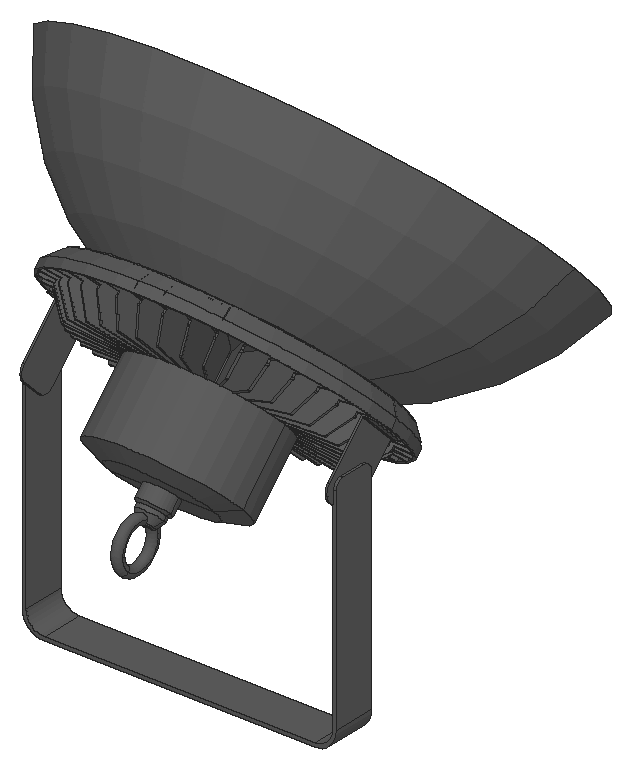
Revit family "0039347+0039353+0039357 Feilo Sylvania Lighting Fixture START HIGHBAY 4K 13KLM WIDE with BRACKET and ALU SHADE BLACK COLOR", category Lighting Fixtures, host Face, Revit 2017
Family settings
  Host = Face
  Round Connector Dimension = Use Diameter
  Part Type = Normal
  OmniClass Number = 23.80.70.00
  OmniClass Title = Lighting
  Cut with Voids When Loaded = No
  Light Source = No
  Shared = No
  Room Calculation Point = No
Parameters (values of type "0039347+0039353+0039357 START HIGHBAY 4K 13KLM WIDE with BRACKET and ALU SHADE BLACK COLOR")
  Weight = "3.0 kg"
  Wattage Comments = ""
  WarrantyStartDate [instance] = "n/a"
  WarrantyGuarantorParts = "n/a"
  WarrantyDurationUnit = "n/a"
  WarrantyDurationParts = "n/a"
  WarrantyDescription = "n/a"
  Voltage = 230 V
  URL = "http://www.sylvania-lighting.com"
  TypeName = "START HIGHBAY 4K 13KLM WIDE with BRACKET and ALU SHADE BLACK COLOR"
  TypeHead_FEILO = Start LED Highbay Head : 0039347+0039353+0039357 START HIGHBAY 4K 13KLM WIDE with BRACKET and ALU SHADE BLACK COLOR
  Type Image = <None>
  Type Comments = "n/a"
  TiltAngle_FEILO [instance] = 45.00°
  ThicknessBracketPlate_FEILO = 3 mm
  SizeBracketS_FEILO = yes
  SizeBracketM_FEILO = no
  SerialNumber [instance] = "n/a"
  RadiusBracketTop_FEILO = 7 mm
  RadiusBendOut_FEILO = if(SizeBracketS_FEILO, 18 mm, if(SizeBracketM_FEILO, 24 mm, 28 mm))  # 18 mm
  RadiusBendIn_FEILO = RadiusBendOut_FEILO - ThicknessBracketPlate_FEILO  # 15 mm
  Material_3_FEILO = none
  PowerFactor = 0.95
  PowerConsumption = "100 W"
  NominalLength = 270 mm
  NominalHeight = 170 mm
  NominalDepth = 270 mm
  Name = "START HIGHBAY 4K 13KLM WIDE with BRACKET and ALU SHADE BLACK COLOR"
  ModelReference = Name  # "START HIGHBAY 4K 13KLM WIDE with BRACKET and ALU SHADE BLACK COLOR"
  ModelNumber = "0039347+0039353+0039357"
  Model = Name  # "START HIGHBAY 4K 13KLM WIDE with BRACKET and ALU SHADE BLACK COLOR"
  Material = "aluminium alloy housing, polycarbonate diffuser"
  ManufacturerName = "Feilo Sylvania"
  Manufacturer = "Feilo Sylvania"
  LuminousEfficacy = "130 lm/W"
  LuminaireType = ""
  LightOutputRatio = "n/a"
  LampsType = Lamp  # "LED"
  LampNominalLuminous = "13000 lm"
  LampMacAdamStep = "n/a"
  LampColourTemperature = "4000 K"
  LampColourRenderingIndex = "80"
  Lamp = "LED"
  Keynote = "16500"
  InstallationDate [instance] = "n/a"
  InputVoltage = "220-240V~"
  InputNominalFrequency = "50/60 Hz"
  IngressProtection = "IP65"
  ImpactProtectionIndex = "IK08"
  IfcExportType = "IfcLightFixtureType"
  IfcExportAs = "IfcLightFixtureType"
  ExpectedLife = 50000
  EndAngle_FEILO [instance] = TiltAngle_FEILO + 180.00°  # 225.00°
  ElectricShockClassification = "Class I"
  DurationUnit = "hours"
  DocumentationLiterature = "http://www.sylvania-lighting.com/product/en-int/products/0039347"
  DimmingControlOptions = "n/a"
  Material_2_FEILO = none
  Description = "START HIGHBAY, includes 1 m cables, black aluminium housing, 13000LM, 100W, 130lm/W, 4000K, Driver current: 2140mA, CR80, 90° beam angle, 1-10V dimmable,  IP65, IK08, 50,000 hrs (L70B50), (LxWxH) 270x270x170mm"
  Default Elevation = 1219.2 mm
  CreatedOn = "2/28/2018"
  CreatedBy = ""
  Cost = 0
  built-in parameter 1114216 [instance] = (empty or 0)
  ClassificationValue = "EF_70_80"
  ClassificationName = "Uniclass2015"
  Material_1_FEILO = Body-Sylvania-StartHighbay-Black
  BracketHeight_FEILO = if(SizeBracketS_FEILO, 199.5 mm, if(SizeBracketM_FEILO, 209.6 mm, 201.3 mm))  # 199.5 mm
  BracketDistanceInner_FEILO = if(SizeBracketS_FEILO, 249.4 mm, if(SizeBracketM_FEILO, 273.6 mm, 313.2 mm))  # 249.4 mm
  BarCode [instance] = "n/a"
  AssetType = "Fixed"
  AssetIdentifier [instance] = "n/a"
  Assembly Code = "D5020200"
  Apparent Load = 100 VA
  Material_4_FEILO = none
Reference planes
  plane 1 "Center (Front/Back)": y = 0
  plane 2: z = 0
  plane 3 "Center (Left/Right)": x = 0
  plane 4: x = -127.7
  plane 5: x = 127.7
  plane 6: z = 199.5
  plane 7: x = -124.7
  plane 8: z = 3
  plane 9: x = 124.7
  plane 10: y = 17.5
  plane 11: y = -17.5
  plane 12: y = -19.5
  plane 13: z = 201.5
  plane 14: y = 19.5
  plane 15: z = 190.5
Forms (mm)
  Extrusion 1, solid, material "Body-Sylvania-StartHighbay-Black" <- "Material_1_FEILO"
    sketch origin (0, 0, 0) x (1, 0, 0) y (0, 0, 1)
      loop
        line (-127.7, 199.5) -> (-127.7, 18)
        arc (-127.7, 18) -> (-122.428, 5.272) -> (-109.7, 0) r 18
        line (-109.7, 0) -> (109.7, 0)
        arc (109.7, 0) -> (122.428, 5.272) -> (127.7, 18) r 18
        line (127.7, 18) -> (127.7, 199.5) -> (124.7, 199.5) -> (124.7, 18)
        arc (124.7, 18) -> (120.307, 7.393) -> (109.7, 3) r 15
        line (109.7, 3) -> (-109.7, 3)
        arc (-109.7, 3) -> (-120.307, 7.393) -> (-124.7, 18) r 15
        line (-124.7, 18) -> (-124.7, 199.5) -> (-127.7, 199.5)
    from -17.5 to 17.5
  Extrusion 2, void
    sketch origin (0, 0, 0) x (0, 1, 0) y (0, 0, 1)
      loop
        arc (10.5, 199.5) -> (15.45, 197.45) -> (17.5, 192.5) r 7
        line (17.5, 192.5) -> (19.5, 192.5) -> (19.5, 201.5) -> (-19.5, 201.5) -> (-19.5, 192.5) -> (-17.5, 192.5)
        arc (-17.5, 192.5) -> (-15.45, 197.45) -> (-10.5, 199.5) r 7
        line (-10.5, 199.5) -> (10.5, 199.5)
    from -127.7 to 127.7
  Revolve 3, solid, not visible
    sketch origin (1223.4, -4572, 190.5) x (0, -1, 0) y (1, 0, 0)
      loop
        line (-4572, -1223.4) -> (-4591.5, -1223.4) -> (-4591.5, -1277.783) -> (-4572, -1277.783) -> (-4572, -1223.4)
      axis (-4572, -1223.4) -> (-4572, -1277.783)
    angle from 45 <- "TiltAngle_FEILO" to 225 <- "EndAngle_FEILO"
Cuts and joins
  Extrusion 2 cuts Extrusion 1
Dimensions and locks
  "BracketHeight_FEILO": plane 6 to plane 2
  equal spacing: plane 11, plane 1 "Center (Front/Back)", plane 10
  locked: plane 11 to plane 10 at 35
  equal spacing: plane 9, plane 3 "Center (Left/Right)", plane 7
  "BracketDistanceInner_FEILO": plane 9 to plane 7
  "ThicknessBracketPlate_FEILO": plane 7 to plane 4
  "ThicknessBracketPlate_FEILO": plane 8 to plane 2
  equal spacing: plane 5, plane 3 "Center (Left/Right)", plane 4
  equal spacing: plane 12, plane 1 "Center (Front/Back)", plane 14
  locked: plane 6 to plane 13 at 2
  locked: plane 12 to plane 11 at 2
  locked: plane 6 to plane 15 at 9
  "RadiusBendOut_FEILO": radius of Extrusion 1 sketch curve  (x2)
  "RadiusBendIn_FEILO": radius of Extrusion 1 sketch curve  (x2)
  "RadiusBracketTop_FEILO": radius of Extrusion 2 sketch curve  (x2)
  aligned and locked: plane 2 to host face
  aligned and locked: level to host face
  aligned and locked: Extrusion 1 sketch curve to plane 4
  aligned and locked: Extrusion 1 sketch curve to level
  aligned and locked: plane 6 to Extrusion 1 sketch curve
  aligned and locked: Extrusion 1 sketch curve to plane 6
  aligned and locked: Extrusion 1 sketch curve to plane 7
  aligned and locked: plane 9 to Extrusion 1 sketch curve
  aligned and locked: plane 8 to Extrusion 1 sketch curve
  aligned and locked: Extrusion 1 to plane 10
  aligned and locked: plane 11 to Extrusion 1
  aligned and locked: Extrusion 1 to Extrusion 2 sketch curve
  aligned and locked: plane 14 to Extrusion 2 sketch curve  (x2)
  aligned and locked: Extrusion 2 sketch curve to plane 12
  aligned and locked: plane 13 to Extrusion 2 sketch curve
  aligned and locked: plane 5 to Extrusion 2
  aligned and locked: Extrusion 2 to plane 4
  aligned and locked: Revolve 3 sketch curve to plane 1 "Center (Front/Back)"
  aligned and locked: Revolve 3 sketch curve to Revolve 3 sketch curve
  aligned and locked: plane 3 "Center (Left/Right)" to Revolve 3 sketch curve
  aligned and locked: Revolve 3 sketch curve to plane 14
  aligned and locked: nested 1 to plane 3 "Center (Left/Right)"
Automatic sketch dimensions
  host sketch curve to host sketch curve = 2438.4 mm  (x2)
  Revolve 3 sketch curve to Revolve 3 sketch curve = 54.383 mm
  Revolve 3 sketch curve to plane 4 = 1396.3 mm
  plane 5 to Revolve 3 sketch curve = 1396.3 mm
  Extrusion 1 sketch curve to Extrusion 1 sketch curve = 0 mm
  Extrusion 2 sketch curve to plane 11 = 0 mm
  Extrusion 2 sketch curve to plane 10 = 0 mm
Nested families
  nested 1: "Start LED Highbay Head" at (0, 0, 190.5) x (-1, 0, 0) z (0, 0.7071, 0.7071), type <- "TypeHead_FEILO", type "0039347+0039353+0039357 START HIGHBAY 4K 13KLM WIDE with BRACKET and ALU SHADE BLACK COLOR"
    with built-in parameter 1114216 (empty or 0)
Connectors
  electrical at (0, 0, 0), driven by "Apparent Load", driven by "PowerFactor", driven by "Voltage"
    settings: index 1, voltage 230 V, apparent load 100 VA, apparent load phase1 0 VA, apparent load phase2 0 VA, apparent load phase3 0 VA, power factor 0.95, load classification "Lighting", number of poles 1, system type 30, power factor state 1, is connector primary yes, connector utility no, sub classification motor no, connector description ""
Definition of nested family "Start LED Highbay Head"
  Parameters (values of type "0039351+0039354+0039358 START HIGHBAY 6K 19KLM WIDE with BRACKET and PC LAMPSHADE TRANSPARENT ")
    X_FEILO = if(SizeS_FEILO, 60.3 mm, if(SizeM_FEILO, 70.4 mm, 83.5 mm))  # 70.4 mm
    WidthStraight_FEILO = if(SizeS_FEILO, 3 mm, if(SizeM_FEILO, 4 mm, 4.7 mm))  # 4 mm
    WidthRingChamfer_FEILO = if(SizeS_FEILO, 10.3 mm, if(SizeM_FEILO, 11.2 mm, 12.9 mm))  # 11.2 mm
    WidthCurved_FEILO = if(SizeS_FEILO, 17.4 mm, if(SizeM_FEILO, 16.4 mm, 26.2 mm))  # 16.4 mm
    WidthCurvedRing_FEILO = if(SizeS_FEILO, 3 mm, if(SizeM_FEILO, 4 mm, 4.7 mm))  # 4 mm
    WidthBracket_FEILO = 40 mm
    Wattage Comments = ""
    Wattage = 150 W
    built-in parameter 1150110 = 1 (stored number, unit not read)
    URL = "http://www.feilosylvania.com"
    Type Image = (empty or 0)
    Type Comments = "n/a"
    built-in parameter 1114217 = 1 (stored number, unit not read)
    Tilt Angle = -90.00°
    ThicknessWall_FEILO = 1.5 mm
    ThicknessBracket_FEILO = 1.5 mm
    ThicknessBracketHalf_FEILO = ThicknessBracket_FEILO / 2  # 0.75 mm
    built-in parameter 1150109 = 1 (stored number, unit not read)
    built-in parameter 1150134 = 1
    built-in parameter 1150113 = 1 (stored number, unit not read)
    SizeS_FEILO = no
    SizeM_FEILO = yes
    ShadeThickness_FEILO = 3 mm
    ShadeSizeSM_FEILO = or(SizeS_FEILO, SizeM_FEILO)  # yes
    ShadeRadiusOut_FEILO = 205 mm
    ShadeRadiusIn_FEILO = if(ShadeSizeSM_FEILO, 95 mm, 121 mm)  # 95 mm
    ShadeRadiusBend_FEILO = if(ShadeSizeSM_FEILO, 210 mm, 210 mm)  # 210 mm
    ShadeOn_FEILO = yes
    ShadeHeight_FEILO = if(ShadeSizeSM_FEILO, 120 mm, 151 mm)  # 120 mm
    Rib4_FEILO = if(SizeS_FEILO, 18.1 mm, if(SizeM_FEILO, 13.6 mm, 14.6 mm))  # 13.6 mm
    Rib3_FEILO = if(SizeS_FEILO, 15.3 mm, if(SizeM_FEILO, 17.6 mm, 20.2 mm))  # 17.6 mm
    Rib2_FEILO = if(SizeS_FEILO, 3.6 mm, if(SizeM_FEILO, 3.9 mm, 4.5 mm))  # 3.9 mm
    Rib1_FEILO = if(SizeS_FEILO, 15.1 mm, if(SizeM_FEILO, 16.5 mm, 19 mm))  # 16.5 mm
    RadiusDiffuser_FEILO = if(SizeS_FEILO, 95.2 mm, if(SizeM_FEILO, 105.3 mm, 120 mm))  # 105.3 mm
    RadiusArrayPost_FEILO = DriverRadius_FEILO - 6 mm  # 61.2 mm
    RHRadius3_FEILO = if(SizeS_FEILO, 6.6 mm, if(SizeM_FEILO, 7.4 mm, 8.6 mm))  # 7.4 mm
    RHRadius2_FEILO = if(SizeS_FEILO, 11 mm, if(SizeM_FEILO, 12 mm, 14 mm))  # 12 mm
    RHRadius1_FEILO = if(SizeS_FEILO, 13.6 mm, if(SizeM_FEILO, 14.9 mm, 17.7 mm))  # 14.9 mm
    RHHeight4_FEILO = if(SizeS_FEILO, 7.3 mm, if(SizeM_FEILO, 8 mm, 9.2 mm))  # 8 mm
    RHHeight3_FEILO = if(SizeS_FEILO, 3.6 mm, if(SizeM_FEILO, 3.7 mm, 4.6 mm))  # 3.7 mm
    RHHeight2_FEILO = if(SizeS_FEILO, 2 mm, if(SizeM_FEILO, 2.2 mm, 2.6 mm))  # 2.2 mm
    RHHeight1_FEILO = if(SizeS_FEILO, 11.8 mm, if(SizeM_FEILO, 15.3 mm, 17.4 mm))  # 15.3 mm
    Photometric Web File = "0039351+0039358.ies"
    Material_5_FEILO = none
    Material_3_FEILO = none
    Model = "START HIGHBAY 6K 19KLM WIDE with BRACKET and PC LAMPSHADE TRANSPARENT"
    Manufacturer = "Feilo Sylvania"
    built-in parameter 1150105 = 10854.2 (stored number, unit not read)
    Lumens = 19500 lm
    built-in parameter 1150115 = 1 (stored number, unit not read)
    built-in parameter 1150137 = (empty or 0)
    built-in parameter 1150139 = (empty or 0)
    built-in parameter 1150112 = 1 (stored number, unit not read)
    built-in parameter 1150114 = 1 (stored number, unit not read)
    Lamp = "LED"
    Keynote = "16500"
    built-in parameter 1150132 = (empty or 0)
    built-in parameter 1150102 = (empty or 0)
    built-in parameter 1150107 = 6500 (stored number, unit not read)
    built-in parameter 1150138 = (empty or 0)
    built-in parameter 1150106 = 108.54 (stored number, unit not read)
    HeightRing_FEILO = if(SizeS_FEILO, 19.8 mm, if(SizeM_FEILO, 32 mm, 36.8 mm))  # 32 mm
    HeightRingChamfer_FEILO = if(SizeS_FEILO, 11.7 mm, if(SizeM_FEILO, 23.2 mm, 26.6 mm))  # 23.2 mm
    EyeThickness_FEILO = if(SizeS_FEILO, 8.4 mm, if(SizeM_FEILO, 9.2 mm, 10.5 mm))  # 9.2 mm
    EyeThicknessHalf_FEILO = EyeThickness_FEILO / 2  # 4.6 mm
    EyeInner_FEILO = if(SizeS_FEILO, 13.8 mm, if(SizeM_FEILO, 15.1 mm, 17.3 mm))  # 15.1 mm
    Emit from Circle Diameter = RadiusDiffuser_FEILO * 2  # 210.6 mm
    Emit Shape Visible in Rendering = no
    built-in parameter 1150104 = 12.077 (stored number, unit not read)
    DriverVerticalStraight_FEILO = if(SizeS_FEILO, 46.5 mm, if(SizeM_FEILO, 49.7 mm, 57 mm))  # 49.7 mm
    DriverVerticalChamfer_FEILO = if(SizeS_FEILO, 7.5 mm, if(SizeM_FEILO, 8.2 mm, 9.5 mm))  # 8.2 mm
    DriverRadius_FEILO = if(SizeS_FEILO, 61.4 mm, if(SizeM_FEILO, 67.2 mm, 76.4 mm))  # 67.2 mm
    DriverRadiusTop_FEILO = if(SizeS_FEILO, 42 mm, if(SizeM_FEILO, 45.3 mm, 52.4 mm))  # 45.3 mm
    DriverBottom_FEILO = if(SizeS_FEILO, 56 mm, if(SizeM_FEILO, 64.5 mm, 74 mm))  # 64.5 mm
    Material_2_FEILO = none
    Radius_FEILO = if(SizeS_FEILO, 135 mm, if(SizeM_FEILO, 148 mm, 169.5 mm))  # 148 mm
    Dimming Lamp Color Temperature Shift = (empty or 0)
    DiameterWire_FEILO = 3 mm
    DiameterWireSupport_FEILO = 10 mm
    Description = "START HIGHBAY, includes 1 m cables, black aluminium housing, 19500LM, 150W, 130lm/W, 6500K, Driver current: 2140mA, CR80, 60° beam angle, 1-10V dimmable,  IP65, IK08, 50,000 hrs (L70B50), (LxWxH) 296x296x177mm"
    Default Elevation = 1219.2 mm
    Cost = 0
    Color Filter = 16777215
    built-in parameter 1114216 [instance] = (empty or 0)
    Material_1_FEILO = none
    built-in parameter 1114218 = 1 (stored number, unit not read)
    built-in parameter 1150133 = 10 (stored number, unit not read)
    Assembly Code = "D5020200"
    Apparent Load = 150 VA
    Material_4_FEILO = none
  Types (36, lengths in mm): name | X_FEILO | WidthStraight_FEILO | WidthRingChamfer_FEILO | WidthCurved_FEILO | WidthCurvedRing_FEILO | Wattage | built-in parameter 1150134 | SizeS_FEILO | SizeM_FEILO | ShadeSizeSM_FEILO | ShadeRadiusIn_FEILO | ShadeOn_FEILO | ShadeHeight_FEILO | Rib4_FEILO | Rib3_FEILO | Rib2_FEILO | Rib1_FEILO | RadiusDiffuser_FEILO | RadiusArrayPost_FEILO | RHRadius3_FEILO | RHRadius2_FEILO | RHRadius1_FEILO | RHHeight4_FEILO | RHHeight3_FEILO | RHHeight2_FEILO | RHHeight1_FEILO | Photometric Web File | Model | built-in parameter 1150105 | Lumens | built-in parameter 1150107 | built-in parameter 1150106 | HeightRing_FEILO | HeightRingChamfer_FEILO | EyeThickness_FEILO | EyeThicknessHalf_FEILO | EyeInner_FEILO | Emit from Circle Diameter | DriverVerticalStraight_FEILO | DriverVerticalChamfer_FEILO | DriverRadius_FEILO | DriverRadiusTop_FEILO | DriverBottom_FEILO | Radius_FEILO | Description | Apparent Load
    0039352+0039355+0039361 START HIGHBAY 6K 26KLM WIDE with BRACKET and PC LAMPSHADE TRANSPARENT | 83.5 | 4.7 | 12.9 | 26.2 | 4.7 | 200 W | 1 | no | no | no | 121 | yes | 151 | 14.6 | 20.2 | 4.5 | 19 | 120 | 70.4 | 8.6 | 14 | 17.7 | 9.2 | 4.6 | 2.6 | 17.4 | "0039352+0039361.ies" | "START HIGHBAY 6K 26KLM WIDE with BRACKET and PC LAMPSHADE TRANSPARENT" | 17911 (stored number, unit not read) | 26000 lm | 6500 (stored number, unit not read) | 179.11 (stored number, unit not read) | 36.8 | 26.6 | 10.5 | 5.25 | 17.3 | 240 | 57 | 9.5 | 76.4 | 52.4 | 74 | 169.5 | "START HIGHBAY, includes 1 m cables, black aluminium housing, 26000LM, 200W, 130lm/W, 6500K, Driver current: 5000mA, CR80, 60° beam angle, 1-10V dimmable,  IP65, IK08, 50,000 hrs (L70B50), (LxWxH) 339x339x194mm" | 200 VA
    0039352+0039355+0039360 START HIGHBAY 6K 26KLM WIDE with BRACKET and ALU SHADE BLACK COLOR | 83.5 | 4.7 | 12.9 | 26.2 | 4.7 | 200 W | 1 | no | no | no | 121 | yes | 151 | 14.6 | 20.2 | 4.5 | 19 | 120 | 70.4 | 8.6 | 14 | 17.7 | 9.2 | 4.6 | 2.6 | 17.4 | "0039352+0039360.ies" | "START HIGHBAY 6K 26KLM WIDE with BRACKET and ALU SHADE BLACK COLOR" | 14870 (stored number, unit not read) | 26000 lm | 6500 (stored number, unit not read) | 148.7 (stored number, unit not read) | 36.8 | 26.6 | 10.5 | 5.25 | 17.3 | 240 | 57 | 9.5 | 76.4 | 52.4 | 74 | 169.5 | "START HIGHBAY, includes 1 m cables, black aluminium housing, 26000LM, 200W, 130lm/W, 6500K, Driver current: 5000mA, CR80, 60° beam angle, 1-10V dimmable,  IP65, IK08, 50,000 hrs (L70B50), (LxWxH) 339x339x194mm" | 200 VA
    0039352+0039355+0039359 START HIGHBAY 6K 26KLM WIDE with BRACKET and ALU SHADE ALU COLOR | 83.5 | 4.7 | 12.9 | 26.2 | 4.7 | 200 W | 1 | no | no | no | 121 | yes | 151 | 14.6 | 20.2 | 4.5 | 19 | 120 | 70.4 | 8.6 | 14 | 17.7 | 9.2 | 4.6 | 2.6 | 17.4 | "0039352+0039359.ies" | "START HIGHBAY 6K 26KLM WIDE with BRACKET and ALU SHADE ALU COLOR" | 14870 (stored number, unit not read) | 26000 lm | 6500 (stored number, unit not read) | 148.7 (stored number, unit not read) | 36.8 | 26.6 | 10.5 | 5.25 | 17.3 | 240 | 57 | 9.5 | 76.4 | 52.4 | 74 | 169.5 | "START HIGHBAY, includes 1 m cables, black aluminium housing, 26000LM, 200W, 130lm/W, 6500K, Driver current: 5000mA, CR80, 60° beam angle, 1-10V dimmable,  IP65, IK08, 50,000 hrs (L70B50), (LxWxH) 339x339x194mm" | 200 VA
    0039352+0039355 START HIGHBAY 6K 26KLM WIDE with BRACKET | 83.5 | 4.7 | 12.9 | 26.2 | 4.7 | 200 W | 1 | no | no | no | 121 | no | 151 | 14.6 | 20.2 | 4.5 | 19 | 120 | 70.4 | 8.6 | 14 | 17.7 | 9.2 | 4.6 | 2.6 | 17.4 | "0039352.ies" | "START HIGHBAY 6K 26KLM WIDE with BRACKET" | 13836.2 (stored number, unit not read) | 26000 lm | 6500 (stored number, unit not read) | 138.36 (stored number, unit not read) | 36.8 | 26.6 | 10.5 | 5.25 | 17.3 | 240 | 57 | 9.5 | 76.4 | 52.4 | 74 | 169.5 | "START HIGHBAY, includes 1 m cables, black aluminium housing, 26000LM, 200W, 130lm/W, 6500K, Driver current: 5000mA, CR80, 60° beam angle, 1-10V dimmable,  IP65, IK08, 50,000 hrs (L70B50), (LxWxH) 339x339x194mm" | 200 VA
    0039351+0039354+0039358 START HIGHBAY 6K 19KLM WIDE with BRACKET and PC LAMPSHADE TRANSPARENT | 70.4 | 4 | 11.2 | 16.4 | 4 | 150 W | 1 | no | yes | yes | 95 | yes | 120 | 13.6 | 17.6 | 3.9 | 16.5 | 105.3 | 61.2 | 7.4 | 12 | 14.9 | 8 | 3.7 | 2.2 | 15.3 | "0039351+0039358.ies" | "START HIGHBAY 6K 19KLM WIDE with BRACKET and PC LAMPSHADE TRANSPARENT" | 10854.2 (stored number, unit not read) | 19500 lm | 6500 (stored number, unit not read) | 108.54 (stored number, unit not read) | 32 | 23.2 | 9.2 | 4.6 | 15.1 | 210.6 | 49.7 | 8.2 | 67.2 | 45.3 | 64.5 | 148 | "START HIGHBAY, includes 1 m cables, black aluminium housing, 19500LM, 150W, 130lm/W, 6500K, Driver current: 2140mA, CR80, 60° beam angle, 1-10V dimmable,  IP65, IK08, 50,000 hrs (L70B50), (LxWxH) 296x296x177mm" | 150 VA
    0039351+0039354+0039357 START HIGHBAY 6K 19KLM WIDE with BRACKET and ALU SHADE BLACK COLOR | 70.4 | 4 | 11.2 | 16.4 | 4 | 150 W | 1 | no | yes | yes | 95 | yes | 120 | 13.6 | 17.6 | 3.9 | 16.5 | 105.3 | 61.2 | 7.4 | 12 | 14.9 | 8 | 3.7 | 2.2 | 15.3 | "0039351+0039357.ies" | "START HIGHBAY 6K 19KLM WIDE with BRACKET and ALU SHADE BLACK COLOR" | 11152.5 (stored number, unit not read) | 19500 lm | 6500 (stored number, unit not read) | 111.52 (stored number, unit not read) | 32 | 23.2 | 9.2 | 4.6 | 15.1 | 210.6 | 49.7 | 8.2 | 67.2 | 45.3 | 64.5 | 148 | "START HIGHBAY, includes 1 m cables, black aluminium housing, 19500LM, 150W, 130lm/W, 6500K, Driver current: 2140mA, CR80, 60° beam angle, 1-10V dimmable,  IP65, IK08, 50,000 hrs (L70B50), (LxWxH) 296x296x177mm" | 150 VA
    0039351+0039354+0039356 START HIGHBAY 6K 19KLM WIDE with BRACKET and ALU SHADE ALU COLOR | 70.4 | 4 | 11.2 | 16.4 | 4 | 150 W | 1 | no | yes | yes | 95 | yes | 120 | 13.6 | 17.6 | 3.9 | 16.5 | 105.3 | 61.2 | 7.4 | 12 | 14.9 | 8 | 3.7 | 2.2 | 15.3 | "0039351+0039356.ies" | "START HIGHBAY 6K 19KLM WIDE with BRACKET and ALU SHADE ALU COLOR" | 11152.5 (stored number, unit not read) | 19500 lm | 6500 (stored number, unit not read) | 111.52 (stored number, unit not read) | 32 | 23.2 | 9.2 | 4.6 | 15.1 | 210.6 | 49.7 | 8.2 | 67.2 | 45.3 | 64.5 | 148 | "START HIGHBAY, includes 1 m cables, black aluminium housing, 19500LM, 150W, 130lm/W, 6500K, Driver current: 2140mA, CR80, 60° beam angle, 1-10V dimmable,  IP65, IK08, 50,000 hrs (L70B50), (LxWxH) 296x296x177mm" | 150 VA
    0039351+0039354 START HIGHBAY 6K 19KLM WIDE with BRACKET | 70.4 | 4 | 11.2 | 16.4 | 4 | 150 W | 1 | no | yes | yes | 95 | no | 120 | 13.6 | 17.6 | 3.9 | 16.5 | 105.3 | 61.2 | 7.4 | 12 | 14.9 | 8 | 3.7 | 2.2 | 15.3 | "0039351.ies" | "START HIGHBAY 6K 19KLM WIDE with BRACKET" | 10377.1 (stored number, unit not read) | 19500 lm | 6500 (stored number, unit not read) | 103.77 (stored number, unit not read) | 32 | 23.2 | 9.2 | 4.6 | 15.1 | 210.6 | 49.7 | 8.2 | 67.2 | 45.3 | 64.5 | 148 | "START HIGHBAY, includes 1 m cables, black aluminium housing, 19500LM, 150W, 130lm/W, 6500K, Driver current: 2140mA, CR80, 60° beam angle, 1-10V dimmable,  IP65, IK08, 50,000 hrs (L70B50), (LxWxH) 296x296x177mm" | 150 VA
    0039350+0039353+0039358 START HIGHBAY 6K 13KLM WIDE with BRACKET and PC LAMPSHADE TRANSPARENT | 60.3 | 3 | 10.3 | 17.4 | 3 | 100 W | 1 | yes | no | yes | 95 | yes | 120 | 18.1 | 15.3 | 3.6 | 15.1 | 95.2 | 55.4 | 6.6 | 11 | 13.6 | 7.3 | 3.6 | 2 | 11.8 | "0039350+0039358.ies" | "START HIGHBAY 6K 13KLM WIDE with BRACKET and PC LAMPSHADE TRANSPARENT" | 7236.1 (stored number, unit not read) | 13000 lm | 6500 (stored number, unit not read) | 72.361 (stored number, unit not read) | 19.8 | 11.7 | 8.4 | 4.2 | 13.8 | 190.4 | 46.5 | 7.5 | 61.4 | 42 | 56 | 135 | "START HIGHBAY, includes 1 m cables, black aluminium housing, 13000LM, 100W, 130lm/W, 6500K, Driver current: 2140mA, CR80, 60° beam angle, 1-10V dimmable,  IP65, IK08, 50,000 hrs (L70B50), (LxWxH) 270x270x170mm" | 100 VA
    0039350+0039353+0039357 START HIGHBAY 6K 13KLM WIDE with BRACKET and ALU SHADE BLACK COLOR | 60.3 | 3 | 10.3 | 17.4 | 3 | 100 W | 1 | yes | no | yes | 95 | yes | 120 | 18.1 | 15.3 | 3.6 | 15.1 | 95.2 | 55.4 | 6.6 | 11 | 13.6 | 7.3 | 3.6 | 2 | 11.8 | "0039350+0039357.ies" | "START HIGHBAY 6K 13KLM WIDE with BRACKET and ALU SHADE BLACK COLOR" | 7435 (stored number, unit not read) | 13000 lm | 6500 (stored number, unit not read) | 74.35 (stored number, unit not read) | 19.8 | 11.7 | 8.4 | 4.2 | 13.8 | 190.4 | 46.5 | 7.5 | 61.4 | 42 | 56 | 135 | "START HIGHBAY, includes 1 m cables, black aluminium housing, 13000LM, 100W, 130lm/W, 6500K, Driver current: 2140mA, CR80, 60° beam angle, 1-10V dimmable,  IP65, IK08, 50,000 hrs (L70B50), (LxWxH) 270x270x170mm" | 100 VA
    0039350+0039353+0039356 START HIGHBAY 6K 13KLM WIDE with BRACKET and ALU SHADE ALU COLOR | 60.3 | 3 | 10.3 | 17.4 | 3 | 100 W | 1 | yes | no | yes | 95 | yes | 120 | 18.1 | 15.3 | 3.6 | 15.1 | 95.2 | 55.4 | 6.6 | 11 | 13.6 | 7.3 | 3.6 | 2 | 11.8 | "0039350+0039356.ies" | "START HIGHBAY 6K 13KLM WIDE with BRACKET and ALU SHADE ALU COLOR" | 7435 (stored number, unit not read) | 13000 lm | 6500 (stored number, unit not read) | 74.35 (stored number, unit not read) | 19.8 | 11.7 | 8.4 | 4.2 | 13.8 | 190.4 | 46.5 | 7.5 | 61.4 | 42 | 56 | 135 | "START HIGHBAY, includes 1 m cables, black aluminium housing, 13000LM, 100W, 130lm/W, 6500K, Driver current: 2140mA, CR80, 60° beam angle, 1-10V dimmable,  IP65, IK08, 50,000 hrs (L70B50), (LxWxH) 270x270x170mm" | 100 VA
    0039350+0039353 START HIGHBAY 6K 13KLM WIDE with BRACKET | 60.3 | 3 | 10.3 | 17.4 | 3 | 100 W | 1 | yes | no | yes | 95 | no | 120 | 18.1 | 15.3 | 3.6 | 15.1 | 95.2 | 55.4 | 6.6 | 11 | 13.6 | 7.3 | 3.6 | 2 | 11.8 | "0039350.ies" | "START HIGHBAY 6K 13KLM WIDE with BRACKET" | 6918.1 (stored number, unit not read) | 13000 lm | 6500 (stored number, unit not read) | 69.181 (stored number, unit not read) | 19.8 | 11.7 | 8.4 | 4.2 | 13.8 | 190.4 | 46.5 | 7.5 | 61.4 | 42 | 56 | 135 | "START HIGHBAY, includes 1 m cables, black aluminium housing, 13000LM, 100W, 130lm/W, 6500K, Driver current: 2140mA, CR80, 60° beam angle, 1-10V dimmable,  IP65, IK08, 50,000 hrs (L70B50), (LxWxH) 270x270x170mm" | 100 VA
    0039349+0039355+0039361 START HIGHBAY 4K 26KLM WIDE with BRACKET and PC LAMPSHADE TRANSPARENT FOR | 83.5 | 4.7 | 12.9 | 26.2 | 4.7 | 200 W | 12 | no | no | no | 121 | yes | 151 | 14.6 | 20.2 | 4.5 | 19 | 120 | 70.4 | 8.6 | 14 | 17.7 | 9.2 | 4.6 | 2.6 | 17.4 | "0039349+0039361.ies" | "START HIGHBAY 4K 26KLM WIDE with BRACKET and PC LAMPSHADE TRANSPARENT FOR" | 17911 (stored number, unit not read) | 26000 lm | 4000 (stored number, unit not read) | 179.11 (stored number, unit not read) | 36.8 | 26.6 | 10.5 | 5.25 | 17.3 | 240 | 57 | 9.5 | 76.4 | 52.4 | 74 | 169.5 | "START HIGHBAY, includes 1 m cables, black aluminium housing, 26000LM, 200W, 130lm/W, 4000K, Driver current: 5000mA, CR80, 90° beam angle, 1-10V dimmable,  IP65, IK08, 50,000 hrs (L70B50), (LxWxH) 339x339x194mm" | 200 VA
    0039349+0039355+0039360 START HIGHBAY 4K 26KLM WIDE with BRACKET and ALU SHADE BLACK COLOR | 83.5 | 4.7 | 12.9 | 26.2 | 4.7 | 200 W | 12 | no | no | no | 121 | yes | 151 | 14.6 | 20.2 | 4.5 | 19 | 120 | 70.4 | 8.6 | 14 | 17.7 | 9.2 | 4.6 | 2.6 | 17.4 | "0039349+0039360.ies" | "START HIGHBAY 4K 26KLM WIDE with BRACKET and ALU SHADE BLACK COLOR" | 14870 (stored number, unit not read) | 26000 lm | 4000 (stored number, unit not read) | 148.7 (stored number, unit not read) | 36.8 | 26.6 | 10.5 | 5.25 | 17.3 | 240 | 57 | 9.5 | 76.4 | 52.4 | 74 | 169.5 | "START HIGHBAY, includes 1 m cables, black aluminium housing, 26000LM, 200W, 130lm/W, 4000K, Driver current: 5000mA, CR80, 90° beam angle, 1-10V dimmable,  IP65, IK08, 50,000 hrs (L70B50), (LxWxH) 339x339x194mm" | 200 VA
    0039349+0039355+0039359 START HIGHBAY 4K 26KLM WIDE with BRACKET and ALU SHADE ALU COLOR | 83.5 | 4.7 | 12.9 | 26.2 | 4.7 | 200 W | 12 | no | no | no | 121 | yes | 151 | 14.6 | 20.2 | 4.5 | 19 | 120 | 70.4 | 8.6 | 14 | 17.7 | 9.2 | 4.6 | 2.6 | 17.4 | "0039349+0039359.ies" | "START HIGHBAY 4K 26KLM WIDE with BRACKET and ALU SHADE ALU COLOR" | 14870 (stored number, unit not read) | 26000 lm | 4000 (stored number, unit not read) | 148.7 (stored number, unit not read) | 36.8 | 26.6 | 10.5 | 5.25 | 17.3 | 240 | 57 | 9.5 | 76.4 | 52.4 | 74 | 169.5 | "START HIGHBAY, includes 1 m cables, black aluminium housing, 26000LM, 200W, 130lm/W, 4000K, Driver current: 5000mA, CR80, 90° beam angle, 1-10V dimmable,  IP65, IK08, 50,000 hrs (L70B50), (LxWxH) 339x339x194mm" | 200 VA
    0039349+0039355 START HIGHBAY 4K 26KLM WIDE with BRACKET | 83.5 | 4.7 | 12.9 | 26.2 | 4.7 | 200 W | 12 | no | no | no | 121 | no | 151 | 14.6 | 20.2 | 4.5 | 19 | 120 | 70.4 | 8.6 | 14 | 17.7 | 9.2 | 4.6 | 2.6 | 17.4 | "0039349.ies" | "START HIGHBAY 4K 26KLM WIDE with BRACKET" | 13836.2 (stored number, unit not read) | 26000 lm | 4000 (stored number, unit not read) | 138.36 (stored number, unit not read) | 36.8 | 26.6 | 10.5 | 5.25 | 17.3 | 240 | 57 | 9.5 | 76.4 | 52.4 | 74 | 169.5 | "START HIGHBAY, includes 1 m cables, black aluminium housing, 26000LM, 200W, 130lm/W, 4000K, Driver current: 5000mA, CR80, 90° beam angle, 1-10V dimmable,  IP65, IK08, 50,000 hrs (L70B50), (LxWxH) 339x339x194mm" | 200 VA
    0039348+0039354+0039358 START HIGHBAY 4K 19KLM WIDE with BRACKET and PC LAMPSHADE TRANSPARENT | 70.4 | 4 | 11.2 | 16.4 | 4 | 150 W | 12 | no | yes | yes | 95 | yes | 120 | 13.6 | 17.6 | 3.9 | 16.5 | 105.3 | 61.2 | 7.4 | 12 | 14.9 | 8 | 3.7 | 2.2 | 15.3 | "0039348+0039358.ies" | "START HIGHBAY 4K 19KLM WIDE with BRACKET and PC LAMPSHADE TRANSPARENT" | 10854.2 (stored number, unit not read) | 19500 lm | 4000 (stored number, unit not read) | 108.54 (stored number, unit not read) | 32 | 23.2 | 9.2 | 4.6 | 15.1 | 210.6 | 49.7 | 8.2 | 67.2 | 45.3 | 64.5 | 148 | "START HIGHBAY, includes 1 m cables, black aluminium housing, 19500LM, 150W, 130lm/W, 4000K, Driver current: 3210mA, CR80, 90° beam angle, 1-10V dimmable,  IP65, IK08, 50,000 hrs (L70B50), (LxWxH) 296x296x177mm" | 150 VA
    0039348+0039354+0039357 START HIGHBAY 4K 19KLM WIDE with BRACKET and ALU SHADE BLACK COLOR | 70.4 | 4 | 11.2 | 16.4 | 4 | 150 W | 12 | no | yes | yes | 95 | yes | 120 | 13.6 | 17.6 | 3.9 | 16.5 | 105.3 | 61.2 | 7.4 | 12 | 14.9 | 8 | 3.7 | 2.2 | 15.3 | "0039348+0039357.ies" | "START HIGHBAY 4K 19KLM WIDE with BRACKET and ALU SHADE BLACK COLOR" | 11152.5 (stored number, unit not read) | 19500 lm | 4000 (stored number, unit not read) | 111.52 (stored number, unit not read) | 32 | 23.2 | 9.2 | 4.6 | 15.1 | 210.6 | 49.7 | 8.2 | 67.2 | 45.3 | 64.5 | 148 | "START HIGHBAY, includes 1 m cables, black aluminium housing, 19500LM, 150W, 130lm/W, 4000K, Driver current: 3210mA, CR80, 90° beam angle, 1-10V dimmable,  IP65, IK08, 50,000 hrs (L70B50), (LxWxH) 296x296x177mm" | 150 VA
    0039348+0039354+0039356 START HIGHBAY 4K 19KLM WIDE with BRACKET and ALU SHADE ALU COLOR | 70.4 | 4 | 11.2 | 16.4 | 4 | 150 W | 12 | no | yes | yes | 95 | yes | 120 | 13.6 | 17.6 | 3.9 | 16.5 | 105.3 | 61.2 | 7.4 | 12 | 14.9 | 8 | 3.7 | 2.2 | 15.3 | "0039348+0039356.ies" | "START HIGHBAY 4K 19KLM WIDE with BRACKET and ALU SHADE ALU COLOR" | 11152.5 (stored number, unit not read) | 19500 lm | 4000 (stored number, unit not read) | 111.52 (stored number, unit not read) | 32 | 23.2 | 9.2 | 4.6 | 15.1 | 210.6 | 49.7 | 8.2 | 67.2 | 45.3 | 64.5 | 148 | "START HIGHBAY, includes 1 m cables, black aluminium housing, 19500LM, 150W, 130lm/W, 4000K, Driver current: 3210mA, CR80, 90° beam angle, 1-10V dimmable,  IP65, IK08, 50,000 hrs (L70B50), (LxWxH) 296x296x177mm" | 150 VA
    0039348+0039354 START HIGHBAY 4K 19KLM WIDE with BRACKET | 70.4 | 4 | 11.2 | 16.4 | 4 | 150 W | 12 | no | yes | yes | 95 | no | 120 | 13.6 | 17.6 | 3.9 | 16.5 | 105.3 | 61.2 | 7.4 | 12 | 14.9 | 8 | 3.7 | 2.2 | 15.3 | "0039348.ies" | "START HIGHBAY 4K 19KLM WIDE with BRACKET" | 10377.1 (stored number, unit not read) | 19500 lm | 4000 (stored number, unit not read) | 103.77 (stored number, unit not read) | 32 | 23.2 | 9.2 | 4.6 | 15.1 | 210.6 | 49.7 | 8.2 | 67.2 | 45.3 | 64.5 | 148 | "START HIGHBAY, includes 1 m cables, black aluminium housing, 19500LM, 150W, 130lm/W, 4000K, Driver current: 3210mA, CR80, 90° beam angle, 1-10V dimmable,  IP65, IK08, 50,000 hrs (L70B50), (LxWxH) 296x296x177mm" | 150 VA
    0039347+0039353+0039358 START HIGHBAY 4K 13KLM WIDE with BRACKET and PC LAMPSHADE TRANSPARENT | 60.3 | 3 | 10.3 | 17.4 | 3 | 100 W | 12 | yes | no | yes | 95 | yes | 120 | 18.1 | 15.3 | 3.6 | 15.1 | 95.2 | 55.4 | 6.6 | 11 | 13.6 | 7.3 | 3.6 | 2 | 11.8 | "0039347+0039358.ies" | "START HIGHBAY 4K 13KLM WIDE with BRACKET and PC LAMPSHADE TRANSPARENT" | 7236.1 (stored number, unit not read) | 13000 lm | 4000 (stored number, unit not read) | 72.361 (stored number, unit not read) | 19.8 | 11.7 | 8.4 | 4.2 | 13.8 | 190.4 | 46.5 | 7.5 | 61.4 | 42 | 56 | 135 | "START HIGHBAY, includes 1 m cables, black aluminium housing, 13000LM, 100W, 130lm/W, 4000K, Driver current: 2140mA, CR80, 90° beam angle, 1-10V dimmable,  IP65, IK08, 50,000 hrs (L70B50), (LxWxH) 270x270x170mm" | 100 VA
    0039347+0039353+0039357 START HIGHBAY 4K 13KLM WIDE with BRACKET and ALU SHADE BLACK COLOR | 60.3 | 3 | 10.3 | 17.4 | 3 | 100 W | 12 | yes | no | yes | 95 | yes | 120 | 18.1 | 15.3 | 3.6 | 15.1 | 95.2 | 55.4 | 6.6 | 11 | 13.6 | 7.3 | 3.6 | 2 | 11.8 | "0039347+0039357.ies" | "START HIGHBAY 4K 13KLM WIDE with BRACKET and ALU SHADE BLACK COLOR" | 7435 (stored number, unit not read) | 13000 lm | 4000 (stored number, unit not read) | 74.35 (stored number, unit not read) | 19.8 | 11.7 | 8.4 | 4.2 | 13.8 | 190.4 | 46.5 | 7.5 | 61.4 | 42 | 56 | 135 | "START HIGHBAY, includes 1 m cables, black aluminium housing, 13000LM, 100W, 130lm/W, 4000K, Driver current: 2140mA, CR80, 90° beam angle, 1-10V dimmable,  IP65, IK08, 50,000 hrs (L70B50), (LxWxH) 270x270x170mm" | 100 VA
    0039347+0039353+0039356 START HIGHBAY 4K 13KLM WIDE with BRACKET and ALU SHADE ALU COLOR | 60.3 | 3 | 10.3 | 17.4 | 3 | 100 W | 12 | yes | no | yes | 95 | yes | 120 | 18.1 | 15.3 | 3.6 | 15.1 | 95.2 | 55.4 | 6.6 | 11 | 13.6 | 7.3 | 3.6 | 2 | 11.8 | "0039347+0039356.ies" | "START HIGHBAY 4K 13KLM WIDE with BRACKET and ALU SHADE ALU COLOR" | 7435 (stored number, unit not read) | 13000 lm | 4000 (stored number, unit not read) | 74.35 (stored number, unit not read) | 19.8 | 11.7 | 8.4 | 4.2 | 13.8 | 190.4 | 46.5 | 7.5 | 61.4 | 42 | 56 | 135 | "START HIGHBAY, includes 1 m cables, black aluminium housing, 13000LM, 100W, 130lm/W, 4000K, Driver current: 2140mA, CR80, 90° beam angle, 1-10V dimmable,  IP65, IK08, 50,000 hrs (L70B50), (LxWxH) 270x270x170mm" | 100 VA
    0039347+0039353 START HIGHBAY 4K 13KLM WIDE with BRACKET | 60.3 | 3 | 10.3 | 17.4 | 3 | 100 W | 12 | yes | no | yes | 95 | no | 120 | 18.1 | 15.3 | 3.6 | 15.1 | 95.2 | 55.4 | 6.6 | 11 | 13.6 | 7.3 | 3.6 | 2 | 11.8 | "0039347.ies" | "START HIGHBAY 4K 13KLM WIDE with BRACKET" | 6918.1 (stored number, unit not read) | 13000 lm | 4000 (stored number, unit not read) | 69.181 (stored number, unit not read) | 19.8 | 11.7 | 8.4 | 4.2 | 13.8 | 190.4 | 46.5 | 7.5 | 61.4 | 42 | 56 | 135 | "START HIGHBAY, includes 1 m cables, black aluminium housing, 13000LM, 100W, 130lm/W, 4000K, Driver current: 2140mA, CR80, 90° beam angle, 1-10V dimmable,  IP65, IK08, 50,000 hrs (L70B50), (LxWxH) 270x270x170mm" | 100 VA
    0039346+0039355+0039361 START HIGHBAY 4K 26KLM MEDIUM with BRACKET and PC LAMPSHADE TRANSPARENT | 83.5 | 4.7 | 12.9 | 26.2 | 4.7 | 200 W | 12 | no | no | no | 121 | yes | 151 | 14.6 | 20.2 | 4.5 | 19 | 120 | 70.4 | 8.6 | 14 | 17.7 | 9.2 | 4.6 | 2.6 | 17.4 | "0039346+0039361.ies" | "START HIGHBAY 4K 26KLM MEDIUM with BRACKET and PC LAMPSHADE TRANSPARENT" | 35142.4 (stored number, unit not read) | 26000 lm | 4000 (stored number, unit not read) | 351.42 (stored number, unit not read) | 36.8 | 26.6 | 10.5 | 5.25 | 17.3 | 240 | 57 | 9.5 | 76.4 | 52.4 | 74 | 169.5 | "START HIGHBAY, includes 1 m cables, black aluminium housing, 26000LM, 200W, 130lm/W, 4000K, Driver current: 5000mA, CR80, 60° beam angle, 1-10V dimmable,  IP65, IK08, 50,000 hrs (L70B50), (LxWxH) 339x339x194mm" | 200 VA
    0039346+0039355+0039360 START HIGHBAY 4K 26KLM MEDIUM with BRACKET and ALU SHADE BLACK COLOR | 83.5 | 4.7 | 12.9 | 26.2 | 4.7 | 200 W | 12 | no | no | no | 121 | yes | 151 | 14.6 | 20.2 | 4.5 | 19 | 120 | 70.4 | 8.6 | 14 | 17.7 | 9.2 | 4.6 | 2.6 | 17.4 | "0039346+0039360.ies" | "START HIGHBAY 4K 26KLM MEDIUM with BRACKET and ALU SHADE BLACK COLOR" | 35336 (stored number, unit not read) | 26000 lm | 4000 (stored number, unit not read) | 353.36 (stored number, unit not read) | 36.8 | 26.6 | 10.5 | 5.25 | 17.3 | 240 | 57 | 9.5 | 76.4 | 52.4 | 74 | 169.5 | "START HIGHBAY, includes 1 m cables, black aluminium housing, 26000LM, 200W, 130lm/W, 4000K, Driver current: 5000mA, CR80, 60° beam angle, 1-10V dimmable,  IP65, IK08, 50,000 hrs (L70B50), (LxWxH) 339x339x194mm" | 200 VA
    0039346+0039355+0039359 START HIGHBAY 4K 26KLM MEDIUM with BRACKET and ALU SHADE ALU COLOR | 83.5 | 4.7 | 12.9 | 26.2 | 4.7 | 200 W | 12 | no | no | no | 121 | yes | 151 | 14.6 | 20.2 | 4.5 | 19 | 120 | 70.4 | 8.6 | 14 | 17.7 | 9.2 | 4.6 | 2.6 | 17.4 | "0039346+0039359.ies" | "START HIGHBAY 4K 26KLM MEDIUM with BRACKET and ALU SHADE ALU COLOR" | 35336 (stored number, unit not read) | 26000 lm | 4000 (stored number, unit not read) | 353.36 (stored number, unit not read) | 36.8 | 26.6 | 10.5 | 5.25 | 17.3 | 240 | 57 | 9.5 | 76.4 | 52.4 | 74 | 169.5 | "START HIGHBAY, includes 1 m cables, black aluminium housing, 26000LM, 200W, 130lm/W, 4000K, Driver current: 5000mA, CR80, 60° beam angle, 1-10V dimmable,  IP65, IK08, 50,000 hrs (L70B50), (LxWxH) 339x339x194mm" | 200 VA
    0039346+0039355 START HIGHBAY 4K 26KLM MEDIUM with BRACKET | 83.5 | 4.7 | 12.9 | 26.2 | 4.7 | 200 W | 12 | no | no | no | 121 | no | 151 | 14.6 | 20.2 | 4.5 | 19 | 120 | 70.4 | 8.6 | 14 | 17.7 | 9.2 | 4.6 | 2.6 | 17.4 | "0039346.ies" | "START HIGHBAY 4K 26KLM MEDIUM with BRACKET" | 32161 (stored number, unit not read) | 26000 lm | 4000 (stored number, unit not read) | 321.61 (stored number, unit not read) | 36.8 | 26.6 | 10.5 | 5.25 | 17.3 | 240 | 57 | 9.5 | 76.4 | 52.4 | 74 | 169.5 | "START HIGHBAY, includes 1 m cables, black aluminium housing, 26000LM, 200W, 130lm/W, 4000K, Driver current: 5000mA, CR80, 60° beam angle, 1-10V dimmable,  IP65, IK08, 50,000 hrs (L70B50), (LxWxH) 339x339x194mm" | 200 VA
    0039345+0039354+0039358 START HIGHBAY 4K 19KLM MEDIUM with BRACKET and PC LAMPSHADE TRANSPARENT | 70.4 | 4 | 11.2 | 16.4 | 4 | 150 W | 12 | no | yes | yes | 95 | yes | 120 | 13.6 | 17.6 | 3.9 | 16.5 | 105.3 | 61.2 | 7.4 | 12 | 14.9 | 8 | 3.7 | 2.2 | 15.3 | "0039345+0039358.ies" | "START HIGHBAY 4K 19KLM MEDIUM with BRACKET and PC LAMPSHADE TRANSPARENT" | 24535.9 (stored number, unit not read) | 19500 lm | 4000 (stored number, unit not read) | 245.36 (stored number, unit not read) | 32 | 23.2 | 9.2 | 4.6 | 15.1 | 210.6 | 49.7 | 8.2 | 67.2 | 45.3 | 64.5 | 148 | "START HIGHBAY, includes 1 m cables, black aluminium housing, 19500LM, 150W, 130lm/W, 4000K, Driver current: 3210mA, CR80, 60° beam angle, 1-10V dimmable,  IP65, IK08, 50,000 hrs (L70B50), (LxWxH) 296x296x177mm" | 150 VA
    0039345+0039354+0039357 START HIGHBAY 4K 19KLM MEDIUM with BRACKET and ALU SHADE BLACK COLOR | 70.4 | 4 | 11.2 | 16.4 | 4 | 150 W | 12 | no | yes | yes | 95 | yes | 120 | 13.6 | 17.6 | 3.9 | 16.5 | 105.3 | 61.2 | 7.4 | 12 | 14.9 | 8 | 3.7 | 2.2 | 15.3 | "0039345+0039357.ies" | "START HIGHBAY 4K 19KLM MEDIUM with BRACKET and ALU SHADE BLACK COLOR" | 26502 (stored number, unit not read) | 19500 lm | 4000 (stored number, unit not read) | 265.02 (stored number, unit not read) | 32 | 23.2 | 9.2 | 4.6 | 15.1 | 210.6 | 49.7 | 8.2 | 67.2 | 45.3 | 64.5 | 148 | "START HIGHBAY, includes 1 m cables, black aluminium housing, 19500LM, 150W, 130lm/W, 4000K, Driver current: 3210mA, CR80, 60° beam angle, 1-10V dimmable,  IP65, IK08, 50,000 hrs (L70B50), (LxWxH) 296x296x177mm" | 150 VA
    0039345+0039354+0039356 START HIGHBAY 4K 19KLM MEDIUM with BRACKET and ALU SHADE ALU COLOR | 70.4 | 4 | 11.2 | 16.4 | 4 | 150 W | 12 | no | yes | yes | 95 | yes | 120 | 13.6 | 17.6 | 3.9 | 16.5 | 105.3 | 61.2 | 7.4 | 12 | 14.9 | 8 | 3.7 | 2.2 | 15.3 | "0039345+0039356.ies" | "START HIGHBAY 4K 19KLM MEDIUM with BRACKET and ALU SHADE ALU COLOR" | 26502 (stored number, unit not read) | 19500 lm | 4000 (stored number, unit not read) | 265.02 (stored number, unit not read) | 32 | 23.2 | 9.2 | 4.6 | 15.1 | 210.6 | 49.7 | 8.2 | 67.2 | 45.3 | 64.5 | 148 | "START HIGHBAY, includes 1 m cables, black aluminium housing, 19500LM, 150W, 130lm/W, 4000K, Driver current: 3210mA, CR80, 60° beam angle, 1-10V dimmable,  IP65, IK08, 50,000 hrs (L70B50), (LxWxH) 296x296x177mm" | 150 VA
    0039345+0039354 START HIGHBAY 4K 19KLM MEDIUM with BRACKET | 70.4 | 4 | 11.2 | 16.4 | 4 | 150 W | 12 | no | yes | yes | 95 | no | 120 | 13.6 | 17.6 | 3.9 | 16.5 | 105.3 | 61.2 | 7.4 | 12 | 14.9 | 8 | 3.7 | 2.2 | 15.3 | "0039345.ies" | "START HIGHBAY 4K 19KLM MEDIUM with BRACKET" | 24120.8 (stored number, unit not read) | 19500 lm | 4000 (stored number, unit not read) | 241.21 (stored number, unit not read) | 32 | 23.2 | 9.2 | 4.6 | 15.1 | 210.6 | 49.7 | 8.2 | 67.2 | 45.3 | 64.5 | 148 | "START HIGHBAY, includes 1 m cables, black aluminium housing, 19500LM, 150W, 130lm/W, 4000K, Driver current: 3210mA, CR80, 60° beam angle, 1-10V dimmable,  IP65, IK08, 50,000 hrs (L70B50), (LxWxH) 296x296x177mm" | 150 VA
    0039344+0039353+0039358 START HIGHBAY 4K 13KLM MEDIUM with BRACKET and PC LAMPSHADE TRANSPARENT | 60.3 | 3 | 10.3 | 17.4 | 3 | 100 W | 12 | yes | no | yes | 95 | yes | 120 | 18.1 | 15.3 | 3.6 | 15.1 | 95.2 | 55.4 | 6.6 | 11 | 13.6 | 7.3 | 3.6 | 2 | 11.8 | "0039344+0039358.ies" | "START HIGHBAY 4K 13KLM MEDIUM with BRACKET and PC LAMPSHADE TRANSPARENT" | 17571.2 (stored number, unit not read) | 13000 lm | 4000 (stored number, unit not read) | 175.71 (stored number, unit not read) | 19.8 | 11.7 | 8.4 | 4.2 | 13.8 | 190.4 | 46.5 | 7.5 | 61.4 | 42 | 56 | 135 | "START HIGHBAY, includes 1 m cables, black aluminium housing, 13000LM, 100W, 130lm/W, 4000K, Driver current: 2140mA, CR80, 60° beam angle, 1-10V dimmable,  IP65, IK08, 50,000 hrs (L70B50), (LxWxH) 270x270x170mm" | 100 VA
    0039344+0039353+0039357 START HIGHBAY 4K 13KLM MEDIUM with BRACKET and ALU SHADE BLACK COLOR | 60.3 | 3 | 10.3 | 17.4 | 3 | 100 W | 12 | yes | no | yes | 95 | yes | 120 | 18.1 | 15.3 | 3.6 | 15.1 | 95.2 | 55.4 | 6.6 | 11 | 13.6 | 7.3 | 3.6 | 2 | 11.8 | "0039344+0039357.ies" | "START HIGHBAY 4K 13KLM MEDIUM with BRACKET and ALU SHADE BLACK COLOR" | 17668 (stored number, unit not read) | 13000 lm | 4000 (stored number, unit not read) | 176.68 (stored number, unit not read) | 19.8 | 11.7 | 8.4 | 4.2 | 13.8 | 190.4 | 46.5 | 7.5 | 61.4 | 42 | 56 | 135 | "START HIGHBAY, includes 1 m cables, black aluminium housing, 13000LM, 100W, 130lm/W, 4000K, Driver current: 2140mA, CR80, 60° beam angle, 1-10V dimmable,  IP65, IK08, 50,000 hrs (L70B50), (LxWxH) 270x270x170mm" | 100 VA
    0039344+0039353+0039356 START HIGHBAY 4K 13KLM MEDIUM with BRACKET and ALU SHADE ALU COLOR | 60.3 | 3 | 10.3 | 17.4 | 3 | 100 W | 12 | yes | no | yes | 95 | yes | 120 | 18.1 | 15.3 | 3.6 | 15.1 | 95.2 | 55.4 | 6.6 | 11 | 13.6 | 7.3 | 3.6 | 2 | 11.8 | "0039344+0039356.ies" | "START HIGHBAY 4K 13KLM MEDIUM with BRACKET and ALU SHADE ALU COLOR" | 17668 (stored number, unit not read) | 13000 lm | 4000 (stored number, unit not read) | 176.68 (stored number, unit not read) | 19.8 | 11.7 | 8.4 | 4.2 | 13.8 | 190.4 | 46.5 | 7.5 | 61.4 | 42 | 56 | 135 | "START HIGHBAY, includes 1 m cables, black aluminium housing, 13000LM, 100W, 130lm/W, 4000K, Driver current: 2140mA, CR80, 60° beam angle, 1-10V dimmable,  IP65, IK08, 50,000 hrs (L70B50), (LxWxH) 270x270x170mm" | 100 VA
    0039344+0039353 START HIGHBAY 4K 13KLM MEDIUM with BRACKET | 60.3 | 3 | 10.3 | 17.4 | 3 | 100 W | 12 | yes | no | yes | 95 | no | 120 | 18.1 | 15.3 | 3.6 | 15.1 | 95.2 | 55.4 | 6.6 | 11 | 13.6 | 7.3 | 3.6 | 2 | 11.8 | "0039344.ies" | "START HIGHBAY 4K 13KLM MEDIUM with BRACKET" | 16080.5 (stored number, unit not read) | 13000 lm | 4000 (stored number, unit not read) | 160.81 (stored number, unit not read) | 19.8 | 11.7 | 8.4 | 4.2 | 13.8 | 190.4 | 46.5 | 7.5 | 61.4 | 42 | 56 | 135 | "START HIGHBAY, includes 1 m cables, black aluminium housing, 13000LM, 100W, 130lm/W, 4000K, Driver current: 2140mA, CR80, 60° beam angle, 1-10V dimmable,  IP65, IK08, 50,000 hrs (L70B50), (LxWxH) 270x270x170mm" | 100 VA
  Reference planes
    plane 1 "Center (Front/Back)": y = 0
    plane 2: z = 0
    plane 3 "Center (Left/Right)": x = 0
    plane 4: z = 70.4
    plane 5: x = -148
    plane 6: x = -136.8
    plane 7: z = 47.2
    plane 8: z = 38.4
    plane 9: x = -132.8
    plane 10: z = 67.775
    plane 11: x = -116.4
    plane 12: x = -105.3
    plane 13: x = -128.8
    plane 14: z = 68.775
    plane 15: z = 66.775
    plane 16: x = -102.3
    plane 17: z = 65.775
    plane 18: x = -146.5
    plane 19: x = -131.5
    plane 20: z = 34.5
    plane 21: x = -113.9
    plane 22: z = 20.9
    plane 23: x = -20
    plane 24: z = 5.9
    plane 25: x = -67.2
    plane 26: z = -43.8
    plane 27: x = -45.3
    plane 28: z = -52
    plane 29: x = -14.9
    plane 30: z = -67.3
    plane 31: z = -69.5
    plane 32: x = -12
    plane 33: z = -73.2
    plane 34: z = -81.2
    plane 35: x = -7.4
    plane 36: z = -96.3
    plane 37: z = -111.4
    plane 38: x = 4.6
    plane 39: x = -4.6
    plane 40: z = -120.6
    plane 41: z = -116
    plane 42: x = -141.65
    plane 43: x = -145.5
    plane 44: z = 36.9
    plane 45: x = -135.3
    plane 46: z = -18.95
    plane 47: y = -20
    plane 48: y = 20
    plane 49: x = 148
    plane 50: x = 136.8
    plane 51: x = 146.5
    plane 52: x = 141.65
    plane 53: x = 145.5
    plane 54: x = 135.3
    plane 55: x = -205
    plane 56: z = 190.4
    plane 57: x = -95
    plane 58: x = -87
    plane 59: x = -202
    plane 60: z = 73.4
  Forms (mm)
    Extrusion 1, solid
      sketch origin (4.2, 0, 0) x (1, 0, 0) y (0, 1, 0)
        loop
          line (-1219.2, 1219.2) -> (-1219.2, -1219.2) -> (1219.2, -1219.2) -> (1219.2, 1219.2) -> (-1219.2, 1219.2)
      from 0 to -68.017
    Revolve 2, solid, material <- "Material_1_FEILO", detail levels medium+fine
      sketch origin (0, 0, 0) x (1, 0, 0) y (0, 0, 1)
        loop
          line (-148, 38.4) -> (-146.5, 38.4) -> (-146.5, 46.857) -> (-136.402, 67.775) -> (-128.8, 67.775) -> (-128.8, 69.259)
          arc (-128.8, 69.259) -> (-130.811, 69.79) -> (-132.8, 70.4) r 52.543
          line (-132.8, 70.4) -> (-136.341, 70.4)
          arc (-136.341, 70.4) -> (-136.831, 70.225) -> (-137.099, 69.78) r 0.774
          line (-137.099, 69.78) -> (-148, 47.2) -> (-148, 38.4)
        axis (0, 70.4) -> (0, 38.4)
      angle from 360 to 0
    Revolve 3, solid, material <- "Material_1_FEILO", detail levels medium+fine
      sketch origin (0, 0, 0) x (1, 0, 0) y (0, 0, 1)
        loop
          line (-116.4, 65.775) -> (-105.3, 65.775) -> (-105.3, 47.2) -> (0, 47.2) -> (0, 65.775) -> (-102.3, 65.775) -> (-102.3, 66.775) -> (-105.3, 66.775) -> (-105.3, 67.775) -> (-116.4, 67.775) -> (-116.4, 65.775)
        axis (0, 67.775) -> (0, 47.2)
      angle from 360 to 0
    Revolve 4, solid, material <- "Material_2_FEILO", detail levels medium+fine
      sketch origin (0, 0, 0) x (1, 0, 0) y (0, 0, 1)
        loop
          line (-105.3, 66.775) -> (0, 66.775) -> (0, 68.775) -> (-105.3, 68.775) -> (-105.3, 66.775)
        axis (0, 68.775) -> (0, 66.775)
      angle from 360 to 0
    Revolve 5, solid, material <- "Material_1_FEILO"
      sketch origin (0, 0, 0) x (1, 0, 0) y (0, 0, 1)
        loop
          line (-67.2, 20.9) -> (-67.2, -43.8) -> (-45.3, -52) -> (-14.9, -52) -> (-14.9, -67.3) -> (-12, -69.5) -> (-12, -73.2) -> (-7.837, -80.474)
          arc (-7.837, -80.474) -> (-7.29, -81.006) -> (-6.553, -81.2) r 1.5
          line (-6.553, -81.2) -> (0, -81.2) -> (0, 20.9) -> (-67.2, 20.9)
        axis (0, 20.9) -> (0, -81.2)
      angle from 360 to 0
    Revolve 6, solid, material <- "Material_1_FEILO"
      sketch origin (0, 0, 0) x (1, 0, 0) y (0, 0, 1)
        loop
          circle (0, -116) r 4.6
        axis (4.6, -96.3) -> (-4.6, -96.3)
      angle from 360 to 0
    Extrusion 7, solid, material <- "Material_1_FEILO"
      sketch origin (0, 0, 0) x (1, 0, 0) y (0, 0, 1)
        loop
          line (-145.5, 38.4) -> (-145.5, 36.9) -> (-137.55, 36.9)
          arc (-137.55, 36.9) -> (-137.02, 36.68) -> (-136.8, 36.15) r 0.75
          line (-136.8, 36.15) -> (-136.8, -18.95) -> (-135.3, -18.95) -> (-135.3, 36.9)
          arc (-135.3, 36.9) -> (-135.739, 37.961) -> (-136.8, 38.4) r 1.5
          line (-136.8, 38.4) -> (-145.5, 38.4)
        loop
          line (145.5, 38.4) -> (136.8, 38.4)
          arc (136.8, 38.4) -> (135.739, 37.961) -> (135.3, 36.9) r 1.5
          line (135.3, 36.9) -> (135.3, -18.95) -> (136.8, -18.95) -> (136.8, 36.15)
          arc (136.8, 36.15) -> (137.02, 36.68) -> (137.55, 36.9) r 0.75
          line (137.55, 36.9) -> (145.5, 36.9) -> (145.5, 38.4)
      from -20 to 20
    Extrusion 8, void
      sketch origin (0, 0, 0) x (0, 1, 0) y (0, 0, 1)
        loop
          arc (-10, -18.95) -> (-17.071, -16.021) -> (-20, -8.95) r 10
          line (-20, -8.95) -> (-25, -8.95) -> (-25, -23.95) -> (-10, -23.95) -> (-10, -18.95)
        loop
          line (10, -18.95) -> (10, -23.95) -> (25, -23.95) -> (25, -8.95) -> (20, -8.95)
          arc (20, -8.95) -> (17.071, -16.021) -> (10, -18.95) r 10
      from -136.8 to 136.8
    Revolve 9, solid, material <- "Material_1_FEILO", detail levels coarse
      sketch origin (0, 0, 0) x (1, 0, 0) y (0, 0, 1)
        loop
          line (0, 70.4) -> (-136.8, 70.4) -> (-148, 47.2) -> (-148, 38.4) -> (-131.5, 38.4) -> (-131.5, 34.5) -> (-113.9, 20.9) -> (0, 20.9) -> (0, 70.4)
        axis (0, 70.4) -> (0, 20.9)
      angle from 360 to 0
    Revolve 10, solid, material <- "Material_4_FEILO", visible <- "ShadeOn_FEILO"
      sketch origin (0, 0, 0) x (1, 0, 0) y (0, 0, 1)
        loop
          line (-95, 70.4) -> (-87, 70.4) -> (-87, 73.4) -> (-94.341, 73.4)
          arc (-94.341, 73.4) -> (-159.747, 121.18) -> (-201.81, 190.4) r 207
          line (-201.81, 190.4) -> (-205, 190.4)
          arc (-205, 190.4) -> (-162.101, 119.308) -> (-95, 70.4) r 210
        axis (0, 190.4) -> (0, 70.4)
      angle from 360 to 0
  Cuts and joins
    Extrusion 8 cuts Extrusion 7
  Lines and regions (mm)
    reference lines
      curve 1: line (-148, 0, 47.2) -> (-136.8, 0, 70.4)
      curve 2: line (-116.4, 0, 67.775) -> (0, 0, 67.775)
      curve 3: arc (-116.4, 0, 67.775) -> (-124.704, 0, 68.435) -> (-132.8, 0, 70.4) r 52.543
      curve 4: line (-136.8, 0, 70.4) -> (-132.8, 0, 70.4)
      curve 5: line (-136.402, 0, 67.775) -> (-146.5, 0, 46.857)
      curve 6: line (-131.5, 0, 34.5) -> (-113.9, 0, 20.9)
      curve 7: line (-12, 0, -73.2) -> (-7.4, 0, -81.2)
      curve 8: circle (0, 0, -116) r 4.6 normal (0, -1, 0)
      curve 9: arc (-95, 0, 70.4) -> (-162.101, 0, 119.308) -> (-205, 0, 190.4) r 210
  Dimensions and locks
    "Radius_FEILO": plane 3 "Center (Left/Right)" to plane 5
    "WidthRingChamfer_FEILO": plane 6 to plane 5
    "WidthStraight_FEILO": plane 9 to plane 6
    "WidthCurvedRing_FEILO": plane 13 to plane 9
    locked: plane 10 to plane 15 at 1
    locked: plane 14 to plane 10 at 1
    locked: plane 4 to plane 10 at 2.625
    locked: plane 15 to plane 17 at 1
    "ThicknessWall_FEILO": plane 18 to plane 5
    "ThicknessWall_FEILO": curve 5 to curve 1
    "HeightRingChamfer_FEILO": plane 4 to plane 7
    "HeightRing_FEILO": plane 4 to plane 8
    "RadiusDiffuser_FEILO": plane 3 "Center (Left/Right)" to plane 12
    locked: plane 16 to plane 12 at 3
    "WidthCurved_FEILO": plane 11 to plane 9
    "X_FEILO": plane 4 to plane 2
    "Rib1_FEILO": plane 19 to plane 5
    "Rib2_FEILO": plane 8 to plane 20
    "Rib3_FEILO": plane 21 to plane 19
    "Rib4_FEILO": plane 20 to plane 22
    locked: plane 3 "Center (Left/Right)" to plane 23 at 20
    "DriverBottom_FEILO": plane 4 to plane 24
    "DriverRadius_FEILO": plane 3 "Center (Left/Right)" to plane 25
    "DriverVerticalStraight_FEILO": plane 24 to plane 26
    "DriverRadiusTop_FEILO": plane 3 "Center (Left/Right)" to plane 27
    "DriverVerticalChamfer_FEILO": plane 26 to plane 28
    "RHRadius1_FEILO": plane 3 "Center (Left/Right)" to plane 29
    "RHHeight2_FEILO": plane 30 to plane 31
    "RHRadius2_FEILO": plane 3 "Center (Left/Right)" to plane 32
